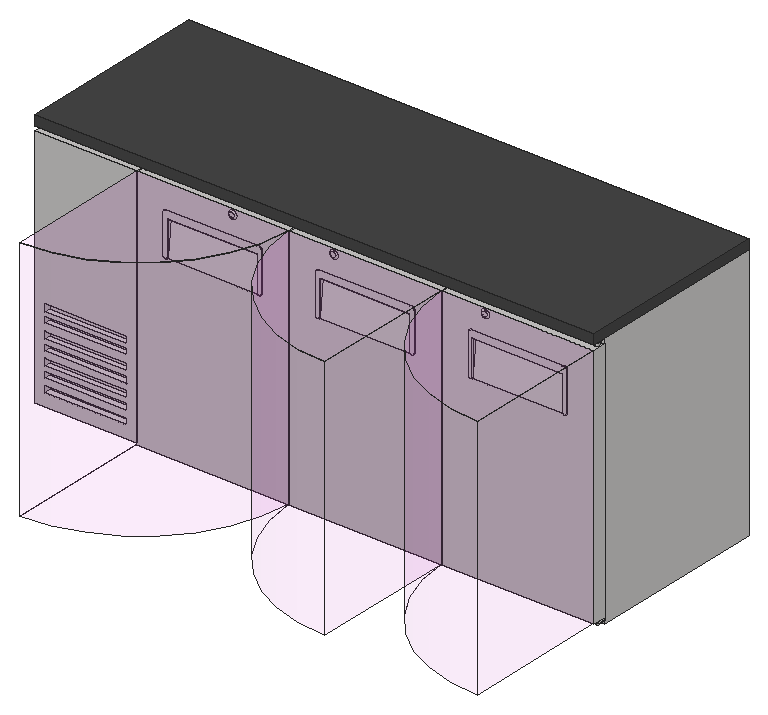
Revit family "QF_True_TBB24-72-3S-Z1-BST-S-1_Solid_Swing_Door_Back_Bar", category Specialty Equipment, Revit 2021
Family settings
  Round Connector Dimension = Use Diameter
  Part Type = Normal
  Work Plane-Based = No
  Always vertical = Yes
  Cut with Voids When Loaded = No
  Shared = No
  Room Calculation Point = No
Parameters
  Weight in Pounds = 415
  Watts = Volts * FL Amps  # 368 W
  Volts = 115 V
  URL Cutsheet = ""
  Specification by User = ""
  Specification by Manufacturer = ""
  Show Seismic Flanged [instance] = yes
  Show Door Clearance [instance] = yes
  Show Default [instance] = if(or([Show 2" Casters], [Show 3" Casters]), or(or([Show 4" Casters], [Show 5" Casters], [Show 6" Legs]), and([Show 2" Casters], [Show 3" Casters]), and([Show 3" Casters], Show Seismic Flanged)), if(or([Show 4" Casters], [Show 5" Casters]), or(or([Show 6" Legs], Show Seismic Flanged), and([Show 4" Casters], [Show 5" Casters])), if([Show 6" Legs], Show Seismic Flanged, not(Show Seismic Flanged))))  # yes
  Show 6" Legs [instance] = yes
  Show 5" Casters [instance] = yes
  Show 4" Casters [instance] = yes
  Show 3" Casters [instance] = yes
  Show 2" Casters [instance] = yes
  Serial Number = ""
  Seismic Rating = ""
  SMACNA No = ""
  Revision Code = ""
  Phase = 1
  Number of Poles = 1
  NAFEM Spec ID Number = ""
  Model = "TBB24-72-3S-Z1-BST-S-1"
  Min Ckt Ampacity = 0 A
  Max Overcurrent Protection = 0 A
  Masterspec = ""
  Manufacturer = "True"
  Length = 72 1/32"
  Item Number = ""
  Installed By = ""
  Identify Quantity as Lot = yes
  Height [instance] = Base Height + Body Height  # 34 3/16"
  HP = "1/4"
  Furnished By = ""
  Foodservice Equipment Identifier = yes
  FL Amps = 3.2 A
  Electrical Remarks = ""
  Electric Connection Type = ""
  Elec Conn RI Height = 0"
  Elec Conn Connection Height = 0"
  Door Finish [instance] = QF_Metal_Stainless_Polished
  Description = "Solid Swing Door Back Bar 24\" Depth Single Zone Cooler with Black Sub Top and Black Exterior"
  Depth = 24 7/8"
  Default Elevation = 0"
  Cycle = 60 Hz
  Counter Top Finish [instance] = QF_Metallic_Paint_Black_Smooth
  Conn Plug = "NEMA 5-15P"
  Conn Conduit = yes
  CSI MasterFormat = ""
  Body Height [instance] = 34 3/16"
  Body Finish [instance] = QF_Metal_Stainless_Polished
  Base Height [instance] = if(Show Default, 0", if([Show 2" Casters], 2", if([Show 3" Casters], 3", if([Show 4" Casters], 4", if([Show 5" Casters], 5", if([Show 6" Legs], 6", if(Show Seismic Flanged, 6", 0")))))))  # 0"
  Apparent Power = 0 VA
Reference planes (in)
  plane 1 "BACK": y = 0
  plane 2: z = 0
  plane 3 "LEFT": x = 0
  plane 4 "RIGHT": x = 72.03125
  plane 5 "FRONT": y = -24.875
  plane 6 "TOP": z = 34.1875
  plane 7 "Center Y": x = 36.01563
  plane 8 "Center X": y = -12.4375
  plane 9: z = 0
Dimensions and locks (in)
  equal spacing: plane 3 "LEFT", plane 7 "Center Y", plane 4 "RIGHT"
  "Length": plane 3 "LEFT" to plane 4 "RIGHT"
  equal spacing: plane 5 "FRONT", plane 8 "Center X", plane 1 "BACK"
  "Depth": plane 5 "FRONT" to plane 1 "BACK"
  plane 6 "TOP" to level = 34 3/16"
  "Body Height": plane 6 "TOP" to plane 9
  "Base Height": plane 9 to level
  aligned and locked: level to plane 2
  aligned and locked: nested 1 to plane 9
Nested families (in)
  nested 1: "TBB24-72-3S-Z1-BST-B-1" at (0, 0, 0), Show Door Clearance <- "Show Door Clearance", Body Finish <- "Body Finish", Counter Top Finishes <- "Counter Top Finish", Door Finish <- "Door Finish", type "TBB24-72-3S-Z1-BST-B-1"
    with Show Door Clearance yes, Door Finish QF_Metal_Stainless_Polished, Counter Top Finishes QF_Metallic_Paint_Black_Smooth, Body Finish QF_Metal_Stainless_Polished
  nested 2: "Family3" at (2.5, -20.9375, 0), Show 2" Casters <- "Show 2" Casters", Show 3" Casters <- "Show 3" Casters", Show 4" Casters <- "Show 4" Casters", Show 5" Casters <- "Show 5" Casters", Show 6" Legs <- "Show 6" Legs", Show Seismic Flanged <- "Show Seismic Flanged", type "Family3"
    with Show Seismic Flanged yes, Show 6" Legs yes, Show 5" Casters yes, Show 4" Casters yes, Show 3" Casters yes, Show 2" Casters yes
  nested 3: "Family3" at (69.53125, -20.9375, 0), Show 2" Casters <- "Show 2" Casters", Show 3" Casters <- "Show 3" Casters", Show 4" Casters <- "Show 4" Casters", Show 5" Casters <- "Show 5" Casters", Show 6" Legs <- "Show 6" Legs", Show Seismic Flanged <- "Show Seismic Flanged", type "Family3"
    with Show Seismic Flanged yes, Show 6" Legs yes, Show 5" Casters yes, Show 4" Casters yes, Show 3" Casters yes, Show 2" Casters yes
  nested 4: "Family3" at (2.5, -2.9375, 0), Show 2" Casters <- "Show 2" Casters", Show 3" Casters <- "Show 3" Casters", Show 4" Casters <- "Show 4" Casters", Show 5" Casters <- "Show 5" Casters", Show 6" Legs <- "Show 6" Legs", Show Seismic Flanged <- "Show Seismic Flanged", type "Family3"
    with Show Seismic Flanged yes, Show 6" Legs yes, Show 5" Casters yes, Show 4" Casters yes, Show 3" Casters yes, Show 2" Casters yes
  nested 5: "Family3" at (69.53125, -2.9375, 0), Show 2" Casters <- "Show 2" Casters", Show 3" Casters <- "Show 3" Casters", Show 4" Casters <- "Show 4" Casters", Show 5" Casters <- "Show 5" Casters", Show 6" Legs <- "Show 6" Legs", Show Seismic Flanged <- "Show Seismic Flanged", type "Family3"
    with Show Seismic Flanged yes, Show 6" Legs yes, Show 5" Casters yes, Show 4" Casters yes, Show 3" Casters yes, Show 2" Casters yes
Connectors (in)
  electrical at (5.92159, 0.23047, 18.36709), driven by "Volts", driven by "Watts"
    settings: on nested 1, index 1, voltage 115 V, apparent load 368 VA, apparent load phase1 0 VA, apparent load phase2 0 VA, apparent load phase3 0 VA, power factor 1, load classification "Other", number of poles 1, system type 30, power factor state 1, is connector primary yes, connector utility no, sub classification motor no, connector description "ELECTRICAL CONNECTION"
Definition of nested family "TBB24-72-3S-Z1-BST-B-1"
  Parameters (values of type "TBB24-72-3S-Z1-BST-B-1")
    Weight in Pounds = 0
    URL Cutsheet = ""
    Specification by User = ""
    Specification by Manufacturer = ""
    Show Door Clearance [instance] = yes
    Serial Number = ""
    Seismic Rating = ""
    SMACNA No = ""
    Revision Code = ""
    NAFEM Spec ID Number = ""
    Masterspec = ""
    Length = 72 1/32"
    Item Number = ""
    Installed By = ""
    Identify Quantity as Lot = yes
    Height = 34 3/16"
    Furnished By = ""
    Foodservice Equipment Identifier = yes
    Door Finish [instance] = none
    Depth = 24 7/8"
    Default Elevation = 0"
    Counter Top Finishes [instance] = none
    CSI MasterFormat = ""
    Body Finish [instance] = none
  Reference planes (in)
    plane 1 "BACK": y = 0
    plane 2: z = 0
    plane 3 "LEFT": x = 0
    plane 4 "RIGHT": x = 72.03125
    plane 5 "FRONT": y = -24.875
    plane 6 "TOP": z = 34.1875
    plane 7 "Center Y": x = 36.01563
    plane 8 "Center X": y = -12.4375
    plane 9: y = -43.625
    plane 10: z = 0.6875
    plane 11: z = 32.9375
    plane 12: z = 23.55589
  Forms (in)
    Extrusion 1, solid, material <- "Counter Top Finishes"
      sketch origin (0, 0, 0) x (1, 0, 0) y (0, 0, 1)
        loop
          line (0, 34.1875) -> (0, 32.9375) -> (72.03125, 32.9375) -> (72.03125, 34.1875) -> (0, 34.1875)
      from 0 to 24.875
    Extrusion 2, solid, material <- "Body Finish"
      sketch origin (0, 0, 0) x (0, 1, 0) y (0, 0, 1)
        loop
          line (0, 32.9375) -> (-23.09422, 32.9375) -> (-23.09422, 0) -> (0, 0) -> (0, 32.9375)
      from 0 to 72.03125
    Extrusion 3, solid, material <- "Body Finish"
      sketch origin (0, -23.09422, 32.9375) x (0, 0, -1) y (1, 0, 0)
        loop
          line (0.66249, 0) -> (31.95758, 0) -> (31.95758, 13.15625) -> (0.66249, 13.15625) -> (0.66249, 0)
      from 0 to 1.78078
    Extrusion 4, void
      sketch origin (0, -24.875, 32.9375) x (0, 0, 1) y (1, 0, 0)
        loop
          line (-20.06297, 1.27626) -> (-20.06297, 11.8296) -> (-21.06297, 11.8296) -> (-21.06297, 1.27626) -> (-20.06297, 1.27626)
        loop
          line (-21.51705, 1.27626) -> (-21.51705, 11.8296) -> (-22.34419, 11.8296) -> (-22.34419, 1.27626) -> (-21.51705, 1.27626)
        loop
          line (-23.18797, 1.27626) -> (-23.18797, 11.8296) -> (-24.18797, 11.8296) -> (-24.18797, 1.27626) -> (-23.18797, 1.27626)
        loop
          line (-24.76705, 1.27626) -> (-24.76705, 11.8296) -> (-25.59419, 11.8296) -> (-25.59419, 1.27626) -> (-24.76705, 1.27626)
        loop
          line (-26.31297, 1.27626) -> (-26.31297, 11.8296) -> (-27.31297, 11.8296) -> (-27.31297, 1.27626) -> (-26.31297, 1.27626)
        loop
          line (-27.89205, 1.27626) -> (-27.89205, 11.8296) -> (-28.71919, 11.8296) -> (-28.71919, 1.27626) -> (-27.89205, 1.27626)
        loop
          line (-29.51705, 1.27626) -> (-29.51705, 11.8296) -> (-30.34419, 11.8296) -> (-30.34419, 1.27626) -> (-29.51705, 1.27626)
      from 0 to 0.83594
    Extrusion 5, solid
      sketch origin (0, 0, 32.6875) x (0, 0, 1) y (1, 0, 0)
        loop
          arc (-12.59037, 11.27264) -> (-12.81004, 11.80298) -> (-13.34037, 12.02264) r 0.75
          line (-13.34037, 12.02264) -> (-31.375, 12.02264)
          arc (-31.375, 12.02264) -> (-31.90533, 11.80298) -> (-32.125, 11.27264) r 0.75
          line (-32.125, 11.27264) -> (-32.125, 0.75)
          arc (-32.125, 0.75) -> (-31.90533, 0.21967) -> (-31.375, 0) r 0.75
          line (-31.375, 0) -> (-13.34037, 0)
          arc (-13.34037, 0) -> (-12.81004, 0.21967) -> (-12.59037, 0.75) r 0.75
          line (-12.59037, 0.75) -> (-12.59037, 5.19897) -> (-12.14941, 5.19897)
          arc (-12.14941, 5.19897) -> (-11.39941, 5.94897) -> (-12.14941, 6.69897) r 0.75
          line (-12.14941, 6.69897) -> (-12.59037, 6.69897) -> (-12.59037, 11.27264)
      from 0 to 0.03125
    Extrusion 6, solid
      sketch origin (0, 0.03125, 32.6875) x (0, 0, 1) y (1, 0, 0)
        loop
          line (-11.64941, 5.94897) -> (-11.89941, 6.38198) -> (-12.39941, 6.38198) -> (-12.64941, 5.94897) -> (-12.39941, 5.51596) -> (-11.89941, 5.51596) -> (-11.64941, 5.94897)
      from 0 to 0.19922
    Extrusion 7, solid
      sketch origin (0, 0.03125, 32.6875) x (0, 0, 1) y (1, 0, 0)
        loop
          circle (-14.32041, 5.92159) r 0.5
      from 0 to 0.19922
    Extrusion 8, solid, material <- "Door Finish"
      sketch origin (0, -23.09422, 32.9375) x (0, 0, -1) y (1, 0, 0)
        loop
          line (0.66249, 72.03125) -> (0.66249, 52.40625) -> (32.25, 52.40625) -> (32.25, 72.03125) -> (0.66249, 72.03125)
      from 0 to 1.78078
    Extrusion 9, solid, material <- "Door Finish"
      sketch origin (0, -23.09422, 32.9375) x (0, 0, -1) y (1, 0, 0)
        loop
          line (0.66249, 52.40625) -> (0.66249, 32.78125) -> (32.25, 32.78125) -> (32.25, 52.40625) -> (0.66249, 52.40625)
      from 0 to 1.78078
    Extrusion 10, solid, material <- "Door Finish"
      sketch origin (0, -23.09422, 32.9375) x (0, 0, -1) y (1, 0, 0)
        loop
          line (0.66249, 32.78125) -> (0.66249, 13.15625) -> (32.25, 13.15625) -> (32.25, 32.78125) -> (0.66249, 32.78125)
      from 0 to 1.78078
    Extrusion 11, solid, material <- "Door Finish"
      sketch origin (84, -24.875, 35.99786) x (0, 0, -1) y (1, 0, 0)
        loop
          arc (7.19767, -35.06214) -> (6.92975, -35.17312) -> (6.81877, -35.44104) r 0.37891
          line (6.81877, -35.44104) -> (6.81877, -47.37146)
          arc (6.81877, -47.37146) -> (6.92953, -47.63887) -> (7.19695, -47.74964) r 0.37818
          line (7.19695, -47.74964) -> (12.19377, -47.74964)
          arc (12.19377, -47.74964) -> (12.44197, -47.50143) -> (12.19377, -47.25323) r 0.2482
          line (12.19377, -47.25323) -> (8.12997, -47.25323)
          arc (8.12997, -47.25323) -> (7.86204, -47.14225) -> (7.75107, -46.87433) r 0.37891
          line (7.75107, -46.87433) -> (7.75107, -35.99995)
          arc (7.75107, -35.99995) -> (7.86204, -35.73202) -> (8.12997, -35.62104) r 0.37891
          line (8.12997, -35.62104) -> (12.16252, -35.62104)
          arc (12.16252, -35.62104) -> (12.44197, -35.34159) -> (12.16252, -35.06214) r 0.27945
          line (12.16252, -35.06214) -> (7.19767, -35.06214)
        loop
          line (7.19767, -67.40625) -> (12.16252, -67.40625)
          arc (12.16252, -67.40625) -> (12.44197, -67.1268) -> (12.16252, -66.84735) r 0.27945
          line (12.16252, -66.84735) -> (8.12997, -66.84735)
          arc (8.12997, -66.84735) -> (7.86204, -66.73637) -> (7.75107, -66.46844) r 0.37891
          line (7.75107, -66.46844) -> (7.75107, -55.59406)
          arc (7.75107, -55.59406) -> (7.86204, -55.32613) -> (8.12997, -55.21515) r 0.37891
          line (8.12997, -55.21515) -> (12.19377, -55.21515)
          arc (12.19377, -55.21515) -> (12.44197, -54.96695) -> (12.19377, -54.71875) r 0.2482
          line (12.19377, -54.71875) -> (7.19695, -54.71875)
          arc (7.19695, -54.71875) -> (6.92953, -54.82952) -> (6.81877, -55.09693) r 0.37818
          line (6.81877, -55.09693) -> (6.81877, -67.02734)
          arc (6.81877, -67.02734) -> (6.92975, -67.29527) -> (7.19767, -67.40625) r 0.37891
        loop
          arc (7.19767, -15.40625) -> (6.92975, -15.51723) -> (6.81877, -15.78516) r 0.37891
          line (6.81877, -15.78516) -> (6.81877, -27.71557)
          arc (6.81877, -27.71557) -> (6.92953, -27.98298) -> (7.19695, -28.09375) r 0.37818
          line (7.19695, -28.09375) -> (12.19377, -28.09375)
          arc (12.19377, -28.09375) -> (12.44197, -27.84555) -> (12.19377, -27.59735) r 0.2482
          line (12.19377, -27.59735) -> (8.12997, -27.59735)
          arc (8.12997, -27.59735) -> (7.86204, -27.48637) -> (7.75107, -27.21844) r 0.37891
          line (7.75107, -27.21844) -> (7.75107, -16.34406)
          arc (7.75107, -16.34406) -> (7.86204, -16.07613) -> (8.12997, -15.96515) r 0.37891
          line (8.12997, -15.96515) -> (12.16252, -15.96515)
          arc (12.16252, -15.96515) -> (12.44197, -15.6857) -> (12.16252, -15.40625) r 0.27945
          line (12.16252, -15.40625) -> (7.19767, -15.40625)
      from 0 to 0.03125
    Extrusion 12, void
      sketch origin (14.17365, -24.875, 27.86788) x (0, 0, 1) y (0, 1, 0)
        loop
          line (0.37891, -0.24253) -> (0.37891, 0.5) -> (-4.312, 0) -> (-4.312, -0.24253) -> (0.37891, -0.24253)
      from -2.979 to -14.61119
    Extrusion 13, void
      sketch origin (33.76777, -24.875, 27.86788) x (0, 0, 1) y (0, 1, 0)
        loop
          line (0.37891, -0.24253) -> (0.37891, 0.5) -> (-4.312, 0) -> (-4.312, -0.24253) -> (0.37891, -0.24253)
      from -2.979 to -14.61119
    Extrusion 14, void
      sketch origin (53.42365, -24.875, 27.86788) x (0, 0, 1) y (0, 1, 0)
        loop
          line (0.37891, -0.24253) -> (0.37891, 0.5) -> (-4.312, 0) -> (-4.312, -0.24253) -> (0.37891, -0.24253)
      from -2.979 to -14.61119
    Blend 15, solid, material <- "Door Finish"
      base sketch origin (55.62282, -24.875, 35.99786) x (0, 0, -1) y (1, 0, 0)
        loop
          circle (4.37806, -30.11945) r 0.5
      top sketch origin (55.62282, -24.875, 35.99786) x (0, 0, 1) y (1, 0, 0)
        loop
          circle (-4.37806, -30.11945) r 0.37406
      from 0 to 0.07959
    Blend 16, solid, material <- "Door Finish"
      base sketch origin (55.62282, -24.875, 35.99786) x (0, 0, -1) y (1, 0, 0)
        loop
          circle (4.37806, -17.0582) r 0.5
      top sketch origin (55.62282, -24.875, 35.99786) x (0, 0, 1) y (1, 0, 0)
        loop
          circle (-4.37806, -17.0582) r 0.37406
      from 0 to 0.07959
    Blend 17, solid, material <- "Door Finish"
      base sketch origin (75.12282, -24.875, 35.99786) x (0, 0, -1) y (1, 0, 0)
        loop
          circle (4.37806, -17.0582) r 0.5
      top sketch origin (75.12282, -24.875, 35.99786) x (0, 0, 1) y (1, 0, 0)
        loop
          circle (-4.37806, -17.0582) r 0.37406
      from 0 to 0.07959
    Revolve 18, solid
      sketch origin (13.65625, -180, 0.6875) x (0, 0, -1) y (0, -1, 0)
        loop
          line (-31.58751, -156.24977) -> (-32.25, -156.24977) -> (-32.25, -156.74977) -> (-32.1201, -156.74977) -> (-32.1201, -156.49977) -> (-31.58751, -156.49977) -> (-31.58751, -156.24977)
        axis (-32.25, -156.24977) -> (-31.58751, -156.24977)
      angle from 0 to 360
    Revolve 19, solid
      sketch origin (13.65532, -180.05443, 0.39756) x (0, 0, 1) y (0, 1, 0)
        loop
          line (0.28994, 156.29571) -> (0.28994, 156.48985) -> (0, 156.48985) -> (0, 156.29571) -> (0.28994, 156.29571)
        axis (0.28994, 156.29571) -> (0, 156.29571)
      angle from 0 to 360
    Revolve 20, solid
      sketch origin (71.53125, -180, 0.6875) x (0, 0, -1) y (0, 1, 0)
        loop
          line (-31.58751, 156.24977) -> (-31.58751, 156.49977) -> (-32.1201, 156.49977) -> (-32.1201, 156.74977) -> (-32.25, 156.74977) -> (-32.25, 156.24977) -> (-31.58751, 156.24977)
        axis (-32.25, 156.24977) -> (-31.58751, 156.24977)
      angle from 0 to 360
    Revolve 21, solid
      sketch origin (71.50341, -180.05443, 0.39756) x (0, 0, 1) y (0, -1, 0)
        loop
          line (0.28994, -156.29571) -> (0, -156.29571) -> (0, -156.48985) -> (0.28994, -156.48985) -> (0.28994, -156.29571)
        axis (0.28994, -156.29571) -> (0, -156.29571)
      angle from 0 to 360
    Extrusion 22, solid
      sketch origin (-14.8043, -180.46875, 0.33506) x (-1, 0, 0) y (0, -1, 0)
        loop
          line (-27.96055, -157.37453) -> (-27.96055, -156.39831)
          arc (-27.96055, -156.39831) -> (-28.00348, -156.29467) -> (-28.10712, -156.25173) r 0.14658
          line (-28.10712, -156.25173) -> (-28.51541, -156.25173)
          arc (-28.51541, -156.25173) -> (-28.59865, -156.26829) -> (-28.66923, -156.31545) r 0.21754
          line (-28.66923, -156.31545) -> (-29.51188, -157.1581)
          arc (-29.51188, -157.1581) -> (-29.53936, -157.29627) -> (-29.42223, -157.37453) r 0.12678
          line (-29.42223, -157.37453) -> (-27.96055, -157.37453)
        loop
          line (-67.21055, -157.37453) -> (-65.74886, -157.37453)
          arc (-65.74886, -157.37453) -> (-65.63173, -157.29627) -> (-65.65921, -157.1581) r 0.12678
          line (-65.65921, -157.1581) -> (-66.50186, -156.31545)
          arc (-66.50186, -156.31545) -> (-66.57244, -156.26829) -> (-66.65568, -156.25173) r 0.21754
          line (-66.65568, -156.25173) -> (-67.06397, -156.25173)
          arc (-67.06397, -156.25173) -> (-67.16761, -156.29467) -> (-67.21055, -156.39831) r 0.14658
          line (-67.21055, -156.39831) -> (-67.21055, -157.37453)
      from 0 to 0.0625
    Extrusion 23, solid
      sketch origin (-7.625, -23.09422, 32.9375) x (0, 0, -1) y (1, 0, 0)
        loop
          line (32.60244, 20.78125) -> (32.60244, 22.36972) -> (32.25, 22.36972) -> (32.25, 20.78125) -> (32.60244, 20.78125)
        loop
          line (32.60244, 60.03125) -> (32.25, 60.03125) -> (32.25, 58.44278) -> (32.60244, 58.44278) -> (32.60244, 60.03125)
      from 0 to 0.0625
    Revolve 24, solid
      sketch origin (51.90625, -180, 0.6875) x (0, 0, -1) y (0, 1, 0)
        loop
          line (-31.58751, 156.24977) -> (-31.58751, 156.49977) -> (-32.1201, 156.49977) -> (-32.1201, 156.74977) -> (-32.25, 156.74977) -> (-32.25, 156.24977) -> (-31.58751, 156.24977)
        axis (-32.25, 156.24977) -> (-31.58751, 156.24977)
      angle from 0 to 360
    Revolve 25, solid
      sketch origin (51.87841, -180.05443, 0.39756) x (0, 0, 1) y (0, -1, 0)
        loop
          line (0.28994, -156.29571) -> (0, -156.29571) -> (0, -156.48985) -> (0.28994, -156.48985) -> (0.28994, -156.29571)
        axis (0.28994, -156.29571) -> (0, -156.29571)
      angle from 0 to 360
    Extrusion 26, solid
      sketch origin (12, -23.09422, 32.9375) x (0, 0, -1) y (1, 0, 0)
        loop
          line (32.60244, 60.03125) -> (32.25, 60.03125) -> (32.25, 58.44278) -> (32.60244, 58.44278) -> (32.60244, 60.03125)
      from 0 to 0.0625
    Extrusion 27, solid
      sketch origin (4.8207, -180.46875, 0.33506) x (-1, 0, 0) y (0, -1, 0)
        loop
          line (-67.21055, -157.37453) -> (-65.74886, -157.37453)
          arc (-65.74886, -157.37453) -> (-65.63173, -157.29627) -> (-65.65921, -157.1581) r 0.12678
          line (-65.65921, -157.1581) -> (-66.50186, -156.31545)
          arc (-66.50186, -156.31545) -> (-66.57244, -156.26829) -> (-66.65568, -156.25173) r 0.21754
          line (-66.65568, -156.25173) -> (-67.06397, -156.25173)
          arc (-67.06397, -156.25173) -> (-67.16761, -156.29467) -> (-67.21055, -156.39831) r 0.14658
          line (-67.21055, -156.39831) -> (-67.21055, -157.37453)
      from 0 to 0.0625
    Extrusion 28, solid, visible <- "Show Door Clearance"
      sketch origin (45.95654, -23.09422, 0.6875) x (0, -1, 0) y (-1, 0, 0)
        loop
          arc (1.78078, 13.17529) -> (15.09548, 19.22374) -> (20.53077, 32.80029) r 19.625
          line (20.53077, 32.80029) -> (1.78078, 32.80029) -> (1.78078, 13.17529)
      from 0 to -31.58751
    Extrusion 29, solid, visible <- "Show Door Clearance"
      sketch origin (45.95654, -23.09422, 0.6875) x (0, -1, 0) y (-1, 0, 0)
        loop
          line (1.78078, 13.17529) -> (1.78078, -6.44971) -> (20.53077, -6.44971)
          arc (20.53077, -6.44971) -> (15.09548, 7.12683) -> (1.78078, 13.17529) r 19.625
      from 0 to -31.58751
    Extrusion 30, solid, visible <- "Show Door Clearance"
      sketch origin (45.95654, -23.09422, 0.6875) x (0, -1, 0) y (-1, 0, 0)
        loop
          line (1.78078, -6.44971) -> (1.78078, -26.07471) -> (20.53077, -26.07471)
          arc (20.53077, -26.07471) -> (15.09548, -12.49817) -> (1.78078, -6.44971) r 19.625
      from 0 to -31.58751
  Cuts and joins
    Extrusion 4 cuts Extrusion 2
    Extrusion 4 cuts Extrusion 3
    Extrusion 12, Extrusion 13 cuts Extrusion 10
    Extrusion 12, Extrusion 13, Extrusion 14 cuts Extrusion 11
    Extrusion 12, Extrusion 13, Extrusion 14 cuts Extrusion 9
    Extrusion 13, Extrusion 14 cuts Extrusion 8
  Lines and regions (in)
    Split face 1
      outline origin (0, 0.03125, 32.6875) x (0, 0, 1) y (1, 0, 0)
        loop
          line (-15.04167, 10.7061) -> (-29.59231, 10.7061) -> (-29.59231, 0.9561) -> (-15.04167, 0.9561) -> (-15.04167, 10.7061)
    Split face 2
      outline origin (72.03125, 0, 0) x (-1, 0, 0) y (0, 0, 1)
        loop
          line (60.03125, 32.9375) -> (60.03125, 0)
        loop
          line (57.65625, 0) -> (57.65625, 32.9375)
        loop
          line (2.75, 32.9375) -> (2.75, 0)
    Split face 3
      outline origin (0, -24.875, 32.27501) x (-1, 0, 0) y (0, 0, -1)
        loop
          line (-2.26866, 1.36126) -> (-2.26866, 2.86126) -> (-10.572, 2.86126) -> (-10.572, 1.36126) -> (-2.26866, 1.36126)
    symbolic lines
      curve 1: line (72.03125, 0, 0) -> (0, 0, 0)
      curve 2: line (0, 0, 0) -> (0, -24.875, 0)
      curve 3: line (0, -24.875, 0) -> (72.03125, -24.875, 0)
      curve 4: line (72.03125, -24.875, 0) -> (72.03125, 0, 0)
    symbolic lines, visible <- "Show Door Clearance"
      curve 5: arc (32.78125, -24.875, 0) -> (31.90289, -29.86816, 0) -> (29.77475, -34.46969, 0) r 19.625
      curve 6: arc (35.78775, -34.46969, 0) -> (33.65961, -29.86816, 0) -> (32.78125, -24.875, 0) r 19.625
      curve 7: arc (55.41275, -34.46969, 0) -> (53.28461, -29.86816, 0) -> (52.40625, -24.875, 0) r 19.625
      curve 8: line (13.15625, -24.875, 0) -> (29.77475, -34.46969, 0)
      curve 9: line (52.40625, -24.875, 0) -> (35.78775, -34.46969, 0)
      curve 10: line (72.03125, -24.875, 0) -> (55.41275, -34.46969, 0)
  Dimensions and locks (in)
    equal spacing: plane 3 "LEFT", plane 7 "Center Y", plane 4 "RIGHT"
    "Length": plane 3 "LEFT" to plane 4 "RIGHT"
    equal spacing: plane 5 "FRONT", plane 8 "Center X", plane 1 "BACK"
    "Depth": plane 5 "FRONT" to plane 1 "BACK"
    "Height": plane 6 "TOP" to level
    plane 1 "BACK" to plane 9 = 43 5/8"
    plane 10 to level = 11/16"
    plane 5 "FRONT" to plane 1 "BACK" = 24 7/8"
    plane 9 to plane 1 "BACK" = 43 5/8"
    plane 6 "TOP" to plane 11 = 1 1/4"
    plane 5 "FRONT" to plane 9 = 18 3/4"
    aligned and locked: level to plane 2
  Automatic sketch dimensions
    Extrusion 1 sketch curve to plane 3 "LEFT" = 0"
    plane 4 "RIGHT" to Extrusion 1 sketch curve = 0"
    Extrusion 1 sketch curve to plane 11 = 0"
    Extrusion 1 sketch curve to plane 6 "TOP" = 0"
    plane 11 to Extrusion 2 sketch curve = 0"
    Extrusion 2 sketch curve to level = 0"
    Extrusion 2 sketch curve to plane 1 "BACK" = 0"
    Extrusion 2 sketch curve to plane 5 "FRONT" = 1.78078"
    Extrusion 3 sketch curve to Extrusion 2 = 0"
    Extrusion 3 sketch curve to Extrusion 2 = 0.66249"
    Extrusion 3 sketch curve to Extrusion 2 = 0.97992"
    Extrusion 2 to Extrusion 3 sketch curve = 13 5/32"
    Extrusion 3 to Extrusion 4 sketch curve = 1.61339"
    Extrusion 4 sketch curve to Extrusion 4 sketch curve = 0.82714"  (x4)
    Extrusion 4 sketch curve to Extrusion 4 sketch curve = 0.79786"
    Extrusion 4 sketch curve to Extrusion 4 sketch curve = 0.57908"  (x2)
    Extrusion 4 sketch curve to Extrusion 4 sketch curve = 1"  (x3)
    Extrusion 4 sketch curve to Extrusion 4 sketch curve = 0.71878"
    Extrusion 4 sketch curve to Extrusion 4 sketch curve = 0.84378"
    Extrusion 4 sketch curve to Extrusion 4 sketch curve = 0.45408"
    Extrusion 3 to Extrusion 4 sketch curve = 1.27626"  (x2)
    Extrusion 4 sketch curve to Extrusion 4 sketch curve = 0"  (x11)
    Extrusion 3 to Extrusion 4 sketch curve = 1.32665"
    Extrusion 5 sketch curve to Extrusion 2 = 0"
    Extrusion 2 to Extrusion 5 sketch curve = 9/16"
    Extrusion 5 sketch curve to Extrusion 5 sketch curve = 3/4"  (x3)
    Extrusion 5 sketch curve to Extrusion 2 = 13.59037"
    Extrusion 2 to Extrusion 5 sketch curve = 3/4"
    Extrusion 5 sketch curve to Extrusion 5 sketch curve = 0"  (x2)
    Extrusion 5 sketch curve to Extrusion 5 sketch curve = 0.44096"
    Extrusion 5 sketch curve to Extrusion 5 sketch curve = 4.44897"
    Extrusion 5 sketch curve to Extrusion 5 sketch curve = 10.52264"
    Split face 1 sketch curve to Extrusion 5 = 2.53269"
    Split face 1 sketch curve to Extrusion 5 = 2.4513"
    Split face 1 sketch curve to Extrusion 5 = 0.9561"
    Split face 1 sketch curve to Extrusion 5 = 1.31655"
    Extrusion 6 sketch curve to Extrusion 5 = 0.05904"
    Extrusion 5 to Extrusion 6 sketch curve = 0.19096"  (x2)
    Extrusion 6 sketch curve to Extrusion 5 = 0.31699"  (x2)
    Extrusion 6 sketch curve to Extrusion 6 sketch curve = 1/2"  (x2)
    Extrusion 6 sketch curve to Extrusion 6 sketch curve = 1/4"
    Extrusion 6 sketch curve to Extrusion 6 sketch curve = 0.43301"  (x2)
    Extrusion 7 sketch curve to Extrusion 5 = 0.72262"
    Extrusion 7 sketch curve to Extrusion 5 = 1.73005"
    Split face 2 sketch curve to cut or joined group of Extrusion 2, Extrusion 4 = 0"  (x6)
    Split face 2 sketch curve to cut or joined group of Extrusion 2, Extrusion 4 = 2 3/4"
    Split face 2 sketch curve to cut or joined group of Extrusion 2, Extrusion 4 = 14 3/8"
    Split face 2 sketch curve to Split face 2 sketch curve = 2 3/8"
    Split face 3 sketch curve to cut or joined group of Extrusion 3, Extrusion 4 = 1.2576"
    Split face 3 sketch curve to cut or joined group of Extrusion 3, Extrusion 4 = 0.9924"
    Split face 3 sketch curve to cut or joined group of Extrusion 3, Extrusion 4 = 1.36126"
    Split face 3 sketch curve to Split face 3 sketch curve = 1 1/2"
    Extrusion 2 to Extrusion 8 sketch curve = 0"
    Extrusion 8 sketch curve to Extrusion 2 = 0.66249"
    Extrusion 8 sketch curve to Extrusion 2 = 11/16"
    Extrusion 2 to Extrusion 8 sketch curve = 19 5/8"
    Extrusion 9 sketch curve to Extrusion 2 = 0.66249"
    Extrusion 9 sketch curve to Extrusion 2 = 11/16"
    Extrusion 2 to Extrusion 9 sketch curve = 32 25/32"
    Extrusion 2 to Extrusion 9 sketch curve = 19 5/8"
    Extrusion 10 sketch curve to Extrusion 2 = 0.66249"
    Extrusion 10 sketch curve to Extrusion 2 = 11/16"
    Extrusion 2 to Extrusion 10 sketch curve = 13 5/32"
    Extrusion 10 sketch curve to Extrusion 10 sketch curve = 19 5/8"
    plane 11 to Extrusion 11 sketch curve = 3.75841"  (x3)
    Extrusion 11 sketch curve to Extrusion 11 sketch curve = 0.37818"  (x3)
    plane 7 "Center Y" to Extrusion 11 sketch curve = 0.23474"
    Extrusion 11 sketch curve to Extrusion 11 sketch curve = 97/256"  (x9)
    Extrusion 11 sketch curve to Extrusion 11 sketch curve = 0.55339"  (x2)
    Extrusion 11 sketch curve to Extrusion 11 sketch curve = 0.55412"
    plane 12 to Extrusion 11 sketch curve = 0.27945"  (x3)
    plane 12 to Extrusion 11 sketch curve = 0.2482"  (x3)
    Extrusion 11 sketch curve to plane 7 "Center Y" = 6 47/64"
    Extrusion 11 sketch curve to Extrusion 11 sketch curve = 0.2482"  (x3)
    Extrusion 11 sketch curve to Extrusion 11 sketch curve = 10.87438"  (x2)
    Extrusion 11 sketch curve to Extrusion 11 sketch curve = 0.5589"  (x3)
    Extrusion 11 sketch curve to Extrusion 11 sketch curve = 6.96839"
    plane 4 "RIGHT" to Extrusion 11 sketch curve = 4.37531"
    Extrusion 12 sketch curve to plane 5 "FRONT" = 0"
    Extrusion 12 sketch curve to plane 12 = 0"
    plane 5 "FRONT" to Extrusion 12 sketch curve = 0.24253"
    plane 11 to Extrusion 12 sketch curve = 4.69071"
    Extrusion 12 sketch curve to plane 5 "FRONT" = 1/2"
    Extrusion 13 sketch curve to plane 5 "FRONT" = 0"
    Extrusion 13 sketch curve to plane 12 = 0"
    plane 5 "FRONT" to Extrusion 13 sketch curve = 0.24253"
    plane 11 to Extrusion 13 sketch curve = 4.69071"
    Extrusion 13 sketch curve to plane 5 "FRONT" = 1/2"
    Extrusion 14 sketch curve to plane 5 "FRONT" = 0"
    Extrusion 14 sketch curve to plane 12 = 0"
    plane 5 "FRONT" to Extrusion 14 sketch curve = 0.24253"
    plane 11 to Extrusion 14 sketch curve = 4.69071"
    Extrusion 14 sketch curve to plane 5 "FRONT" = 1/2"
    plane 11 to Blend 15 sketch curve = 1.31771"  (x2)
    Blend 15 sketch curve to plane 7 "Center Y" = 10.51226"  (x2)
    plane 11 to Blend 16 sketch curve = 1.31771"  (x2)
    plane 7 "Center Y" to Blend 16 sketch curve = 2.54899"  (x2)
    plane 11 to Blend 17 sketch curve = 1.31771"  (x2)
    plane 4 "RIGHT" to Blend 17 sketch curve = 13.96663"  (x2)
    plane 11 to Revolve 18 sketch curve = 0"  (x2)
    plane 11 to Revolve 18 sketch curve = 0.1299"  (x2)
    Revolve 18 sketch curve to Revolve 18 sketch curve = 0.53259"
    Revolve 18 sketch curve to plane 5 "FRONT" = 1.62477"
    Revolve 18 sketch curve to Revolve 18 sketch curve = 1/4"  (x2)
    Revolve 18 sketch curve to Revolve 18 sketch curve = 0"
    Revolve 19 sketch curve to plane 10 = 0"  (x2)
    Revolve 19 sketch curve to plane 10 = 0.28994"
    Revolve 19 sketch curve to plane 5 "FRONT" = 1.11628"
    Revolve 19 sketch curve to Revolve 19 sketch curve = 0.19414"
    Revolve 19 sketch curve to plane 10 = 0.14497"
    Revolve 19 sketch curve to Revolve 19 sketch curve = 0"
    plane 11 to Revolve 20 sketch curve = 0"  (x2)
    plane 11 to Revolve 20 sketch curve = 0.1299"  (x2)
    Revolve 20 sketch curve to Revolve 20 sketch curve = 0.53259"
    Revolve 20 sketch curve to plane 5 "FRONT" = 1.12477"
    Revolve 20 sketch curve to Revolve 20 sketch curve = 1/4"  (x2)
    Revolve 20 sketch curve to Revolve 20 sketch curve = 0"
    Revolve 21 sketch curve to plane 10 = 0"  (x2)
    Revolve 21 sketch curve to plane 10 = 0.28994"
    Revolve 21 sketch curve to plane 5 "FRONT" = 1.31042"
    Revolve 21 sketch curve to Revolve 21 sketch curve = 0.19414"
    Revolve 21 sketch curve to plane 10 = 0.14497"
    Revolve 21 sketch curve to Revolve 21 sketch curve = 0"
    Extrusion 22 sketch curve to plane 5 "FRONT" = 1.78078"
    plane 7 "Center Y" to Extrusion 22 sketch curve = 16 25/64"
    Extrusion 22 sketch curve to Extrusion 22 sketch curve = 0.14658"  (x2)
    Extrusion 22 sketch curve to Extrusion 22 sketch curve = 0.40828"  (x2)
    Extrusion 22 sketch curve to plane 5 "FRONT" = 0.7217"  (x2)
    Extrusion 22 sketch curve to Extrusion 22 sketch curve = 0.15382"  (x4)
    Extrusion 22 sketch curve to Extrusion 22 sketch curve = 0.90682"
    Extrusion 22 sketch curve to plane 5 "FRONT" = 1.56435"  (x2)
    Extrusion 22 sketch curve to Extrusion 22 sketch curve = 0.08965"  (x2)
    plane 3 "LEFT" to Extrusion 22 sketch curve = 14.70758"
    Extrusion 22 sketch curve to Extrusion 22 sketch curve = 0.84265"
    Extrusion 22 sketch curve to Extrusion 22 sketch curve = 1.05908"
    Extrusion 23 sketch curve to plane 10 = 0"  (x2)
    level to Extrusion 23 sketch curve = 0.33506"  (x2)
    plane 3 "LEFT" to Extrusion 23 sketch curve = 13 5/32"
    Extrusion 23 sketch curve to Extrusion 23 sketch curve = 1.58847"  (x2)
    plane 7 "Center Y" to Extrusion 23 sketch curve = 14.80216"
    plane 11 to Revolve 24 sketch curve = 0"  (x2)
    plane 11 to Revolve 24 sketch curve = 0.1299"  (x2)
    Revolve 24 sketch curve to Revolve 24 sketch curve = 0.53259"
    Revolve 24 sketch curve to plane 5 "FRONT" = 1.12477"
    Revolve 24 sketch curve to Revolve 24 sketch curve = 1/4"  (x2)
    Revolve 24 sketch curve to Revolve 24 sketch curve = 0"
    Revolve 25 sketch curve to plane 10 = 0"  (x2)
    Revolve 25 sketch curve to plane 10 = 0.28994"
    Revolve 25 sketch curve to plane 5 "FRONT" = 1.31042"
    Revolve 25 sketch curve to Revolve 25 sketch curve = 0.19414"
    Revolve 25 sketch curve to plane 10 = 0.14497"
    Revolve 25 sketch curve to Revolve 25 sketch curve = 0"
    plane 4 "RIGHT" to Extrusion 26 sketch curve = 0"
    Extrusion 26 sketch curve to plane 10 = 0"
    level to Extrusion 26 sketch curve = 0.33506"
    plane 4 "RIGHT" to Extrusion 26 sketch curve = 1.58847"
    Extrusion 27 sketch curve to plane 4 "RIGHT" = 0"
    plane 4 "RIGHT" to Extrusion 27 sketch curve = 0.14658"
    Extrusion 27 sketch curve to Extrusion 27 sketch curve = 0.40828"
    Extrusion 27 sketch curve to Extrusion 27 sketch curve = 0.15382"
    Extrusion 27 sketch curve to Extrusion 27 sketch curve = 0.90682"
    Extrusion 27 sketch curve to Extrusion 27 sketch curve = 0.08965"
    Extrusion 27 sketch curve to plane 5 "FRONT" = 1.78078"
    Extrusion 27 sketch curve to Extrusion 27 sketch curve = 0.12678"
    Extrusion 27 sketch curve to plane 5 "FRONT" = 0.87552"
    Extrusion 27 sketch curve to Extrusion 27 sketch curve = 0.07096"
    Extrusion 28 sketch curve to Extrusion 8 = 0"
    Extrusion 28 sketch curve to Extrusion 8 = 7/8"
    Extrusion 8 to Extrusion 28 sketch curve = 18 3/4"
    Extrusion 8 to Extrusion 28 sketch curve = 39 1/4"
    Extrusion 28 sketch curve to Extrusion 28 sketch curve = 5/256"
    Extrusion 29 sketch curve to Extrusion 8 = 0"  (x2)
    Extrusion 8 to Extrusion 29 sketch curve = 5/256"
    Extrusion 29 sketch curve to Extrusion 8 = 7/8"
    Extrusion 8 to Extrusion 29 sketch curve = 18 3/4"
    Extrusion 30 sketch curve to Extrusion 8 = 0"  (x3)
    Extrusion 8 to Extrusion 30 sketch curve = 5/256"
    Extrusion 30 sketch curve to Extrusion 8 = 7/8"
    plane 1 "BACK" to curve 1 = 0"
    curve 1 to plane 3 "LEFT" = 0"
    plane 5 "FRONT" to curve 8 = 0"
    curve 4 to plane 4 "RIGHT" = 0"
    curve 5 to plane 5 "FRONT" = 7/8"
    plane 3 "LEFT" to curve 5 = 13 45/256"
    curve 8 to plane 7 "Center Y" = 6.24088"
    curve 9 to plane 7 "Center Y" = 0.22787"
    curve 6 to plane 5 "FRONT" = 7/8"
    curve 6 to curve 9 = 5/256"
    plane 4 "RIGHT" to curve 7 = 5/256"
    plane 9 to curve 8 = 9.15531"
    curve 8 to curve 9 = 0"
    curve 7 to plane 5 "FRONT" = 7/8"
    curve 8 to curve 5 = 5/256"
    curve 7 to curve 10 = 3.0065"
    plane 9 to curve 10 = 9.15531"
    radius of Extrusion 7 sketch curve = 1/2"
    radius of Blend 15 sketch curve = 1/2"
    radius of Blend 15 sketch curve = 0.37406"
    radius of Blend 16 sketch curve = 1/2"
    radius of Blend 16 sketch curve = 0.37406"
    radius of Blend 17 sketch curve = 1/2"
    radius of Blend 17 sketch curve = 0.37406"
Definition of nested family "Family3"
  Parameters (values of type "Family3")
    Weight in Pounds = 0
    URL Cutsheet = ""
    Specification by User = ""
    Specification by Manufacturer = ""
    Show Seismic Flanged [instance] = yes
    Show 6" Legs [instance] = yes
    Show 5" Casters [instance] = yes
    Show 4" Casters [instance] = yes
    Show 3" Casters [instance] = yes
    Show 2" Casters [instance] = yes
    Serial Number = ""
    Seismic Rating = ""
    SMACNA No = ""
    Revision Code = ""
    NAFEM Spec ID Number = ""
    Masterspec = ""
    Length = 0"
    Item Number = ""
    Installed By = ""
    Identify Quantity as Lot = yes
    Height = 0"
    Furnished By = ""
    Foodservice Equipment Identifier = yes
    Depth = 0"
    Default Elevation = 0"
    CSI MasterFormat = ""
  Reference planes (in)
    plane 1 "BACK": y = 0
    plane 2: z = 0
    plane 3 "LEFT": x = 0
    plane 4 "RIGHT": x = 0
    plane 5 "FRONT": y = 0
    plane 6 "TOP": z = 0
    plane 7 "Center Y": x = 0
    plane 8 "Center X": y = 0
  Dimensions and locks (in)
    equal spacing: plane 3 "LEFT", plane 7 "Center Y", plane 4 "RIGHT"
    "Length": plane 3 "LEFT" to plane 4 "RIGHT"
    equal spacing: plane 5 "FRONT", plane 8 "Center X", plane 1 "BACK"
    "Depth": plane 5 "FRONT" to plane 1 "BACK"
    "Height": plane 6 "TOP" to level
    aligned and locked: level to plane 2
  Nested families (in)
    nested 1: "2 INCHES_CASTER" at (0, 0, 0), 2 Inches Caster <- "Show 2" Casters", type "2 INCHES_CASTER"
      with Type Mark "", Specification by User "", Revision Code "", Item Number "", Installed By "", Identify Quantity as Lot yes, Furnished By "", Foodservice Equipment Identifier yes, 2 Inches Caster yes
    nested 2: "3 INCHES 01_CASTER" at (0, 0, 0), 3 Inches Caster <- "Show 3" Casters", type "3 INCHES 01_CASTER"
      with Type Mark "", Specification by User "", Revision Code "", Item Number "", Installed By "", Identify Quantity as Lot yes, Furnished By "", Foodservice Equipment Identifier yes, 3 Inches Caster yes
    nested 3: "4 INCHES_CASTER" at (0, 0, 0), Show 4 Inches Casters <- "Show 4" Casters", type "4 INCHES_CASTER"
      with Type Mark "", Specification by User "", Show 4 Inches Casters yes, Revision Code "", Item Number "", Installed By "", Identify Quantity as Lot yes, Furnished By "", Foodservice Equipment Identifier yes
    nested 4: "5 INCHES 01_CASTER 2" at (0, 0, 0), Show 5" Casters <- "Show 5" Casters", type "5 INCHES 01_CASTER 2"
      with Type Mark "", Specification by User "", Show 5" Casters yes, Revision Code "", Key Locks no, Item Number "", Installed By "", Identify Quantity as Lot yes, Furnished By "", Foodservice Equipment Identifier yes
    nested 5: "6 INCHES LEGS" at (0, 0, 0), Show 6" Legs <- "Show 6" Legs", type "6 INCHES LEGS"
      with Type Mark "", Status "", Specification by User "", Show Seismic Flanged no, Show 6" Legs yes, Revision Code "", Item Number "", Installed By "", Identify Quantity as Lot yes, Furnished By "", Foodservice Equipment Identifier yes
    nested 6: "6 INCHES LEGS WITH FLANGED" at (0, 0, 0), visible <- "Show Seismic Flanged", Show 6" Seismic Flanged <- "Show Seismic Flanged", type "6 INCHES LEGS WITH FLANGED"
      with Type Mark "", Status "", Specification by User "", Revision Code "", Item Number "", Installed By "", Identify Quantity as Lot yes, Furnished By "", Foodservice Equipment Identifier yes
  Definition of nested family "2 INCHES_CASTER"
    Parameters (values of type "2 INCHES_CASTER")
      Weight = ""
      URL Manufacturer = ""
      URL Cutsheet = ""
      URL = ""
      Type Mark [instance] = ""
      Specification by User [instance] = ""
      Specification by Manufacturer = ""
      Serial Number = ""
      Seismic Rating = ""
      SMACNA No = ""
      Revision Code [instance] = ""
      Omniclass Number and Title = ""
      NAFEM Spec ID Number = ""
      Model = ""
      MasterSpec. = ""
      Manufacturer = ""
      Item Number [instance] = ""
      Installed By [instance] = ""
      Identify Quantity as Lot [instance] = yes
      Furnished By [instance] = ""
      Foodservice Equipment Identifier [instance] = yes
      Description = ""
      Default Elevation = 0"
      CSI MasterFormat = ""
      CSI Master Format = ""
      Assembly Code = ""
      2 Inches Caster [instance] = yes
    Reference planes (in)
      plane 1: z = 0
      plane 2 "RIGHT": x = 0
      plane 3 "FRONT": y = 0
      plane 4 "TOP": z = 2
    Forms (in)
      Revolve 1, solid, visible <- "2 Inches Caster"
        sketch origin (-1.93794, 0.46818, -1.0041) x (1, 0, 0) y (0, 0, 1)
          loop
            line (0.74055, 1.86347) -> (0.74055, 1.78797) -> (0.79055, 1.73797) -> (0.85055, 1.73797) -> (0.85055, 1.6179) -> (1.235, 1.6179) -> (1.235, 1.55055) -> (1.38673, 1.46295) -> (1.4003, 1.3791) -> (1.34375, 1.3791) -> (1.34375, 1.2541) -> (1.375, 1.2541) -> (1.375, 1.0041) -> (2.48438, 1.0041) -> (2.48438, 1.2541) -> (2.51563, 1.2541) -> (2.51563, 1.3791) -> (2.45908, 1.3791) -> (2.47322, 1.46647) -> (2.62438, 1.55374) -> (2.62438, 1.6179) -> (3.04007, 1.6179) -> (3.04007, 1.73797) -> (3.10007, 1.73797) -> (3.15007, 1.78797) -> (3.15007, 1.86347) -> (0.74055, 1.86347)
          axis (0.74055, 1.86347) -> (3.15007, 1.86347)
        angle from 0 to 360
      Extrusion 2, solid, visible <- "2 Inches Caster"
        sketch origin (-1.93794, 1.43296, -3.41527) x (0, 1, 0) y (0, 0, 1)
          loop
            line (-0.64294, 5.3791) -> (-2.21294, 5.3791) -> (-2.21294, 5.24769) -> (-1.37414, 5.24769)
            arc (-1.37414, 5.24769) -> (-0.62115, 5.15851) -> (0.05138, 4.80832) r 2.10495
            line (0.05138, 4.80832) -> (0.12713, 4.91318)
            arc (0.12713, 4.91318) -> (-0.07255, 5.06376) -> (-0.29048, 5.18644) r 1.8753
            line (-0.29048, 5.18644) -> (-0.22239, 5.30423)
            arc (-0.22239, 5.30423) -> (-0.42936, 5.36024) -> (-0.64294, 5.3791) r 1.21859
        from 1.17357 to 2.70231
      Revolve 3, solid, visible <- "2 Inches Caster"
        sketch origin (0, 1.73858, -3.75) x (0, 1, 0) y (0, 0, 1)
          loop
            line (-1.73858, 5.71382) -> (-1.05793, 5.71382) -> (-1.05793, 5.75) -> (-1.73858, 5.75) -> (-1.73858, 5.71382)
          axis (-1.73858, 5.71382) -> (-1.73858, 5.75319)
        angle from 0 to 360
      Extrusion 4, solid, visible <- "2 Inches Caster"
        sketch origin (-1.98481, 1.43296, -1.7541) x (0, 1, 0) y (0, 0, 1)
          loop
            line (-2.21294, 3.71792) -> (-2.21294, 3.58652) -> (-1.94904, 3.58652)
            arc (-1.94904, 3.58652) -> (-1.56115, 3.28048) -> (-1.39241, 2.81612) r 0.90292
            arc (-1.39241, 2.81612) -> (-1.36136, 2.62044) -> (-1.29729, 2.43295) r 1.15385
            arc (-1.29729, 2.43295) -> (-0.94802, 2.21237) -> (-0.6121, 2.45278) r 0.37001
            arc (-0.6121, 2.45278) -> (-0.59625, 2.50123) -> (-0.58446, 2.55082) r 0.61695
            arc (-0.58446, 2.55082) -> (-0.36134, 2.95548) -> (0.05609, 3.15367) r 0.75313
            line (0.05609, 3.15367) -> (0.12713, 3.252)
            arc (0.12713, 3.252) -> (-0.07255, 3.40259) -> (-0.29048, 3.52526) r 1.8753
            line (-0.29048, 3.52526) -> (-0.22239, 3.64306)
            arc (-0.22239, 3.64306) -> (-0.42936, 3.69906) -> (-0.64294, 3.71792) r 1.21859
            line (-0.64294, 3.71792) -> (-2.21294, 3.71792)
        from 2.74918 to 2.90825
      Extrusion 5, solid, visible <- "2 Inches Caster"
        sketch origin (1.98481, 1.43296, -1.7541) x (0, 1, 0) y (0, 0, -1)
          loop
            arc (-0.58446, -2.55082) -> (-0.59625, -2.50123) -> (-0.6121, -2.45278) r 0.61695
            arc (-0.6121, -2.45278) -> (-0.94802, -2.21237) -> (-1.29729, -2.43295) r 0.37001
            arc (-1.29729, -2.43295) -> (-1.36136, -2.62044) -> (-1.39241, -2.81612) r 1.15385
            arc (-1.39241, -2.81612) -> (-1.56115, -3.28048) -> (-1.94904, -3.58652) r 0.90292
            line (-1.94904, -3.58652) -> (-2.21294, -3.58652) -> (-2.21294, -3.71792) -> (-0.64294, -3.71792)
            arc (-0.64294, -3.71792) -> (-0.42936, -3.69906) -> (-0.22239, -3.64306) r 1.21859
            line (-0.22239, -3.64306) -> (-0.29048, -3.52526)
            arc (-0.29048, -3.52526) -> (-0.07255, -3.40259) -> (0.12713, -3.252) r 1.8753
            line (0.12713, -3.252) -> (0.05609, -3.15367)
            arc (0.05609, -3.15367) -> (-0.36134, -2.95548) -> (-0.58446, -2.55082) r 0.75313
        from 2.74918 to 2.90825
    Cuts and joins
      joined: Revolve 1, Extrusion 4, Extrusion 5
    Lines and regions (in)
      symbolic lines, visible <- "2 Inches Caster"
        curve 1: line (0.10651, 1.59133, 0) -> (0.80944, 1.1855, 0)
        curve 2: line (-0.89349, -0.14072, 0) -> (0.10651, 1.59133, 0)
        curve 3: line (-0.19056, -0.54656, 0) -> (-0.89349, -0.14072, 0)
        curve 4: line (0.80944, 1.1855, 0) -> (-0.19056, -0.54656, 0)
    Dimensions and locks (in)
      plane 4 "TOP" to level = 2"  (x2)
      aligned and locked: level to plane 1
  Definition of nested family "3 INCHES 01_CASTER"
    Parameters (values of type "3 INCHES 01_CASTER")
      Weight = ""
      URL Manufacturer = ""
      URL Cutsheet = ""
      URL = ""
      Type Mark [instance] = ""
      Specification by User [instance] = ""
      Specification by Manufacturer = ""
      Serial Number = ""
      Seismic Rating = ""
      SMACNA No = ""
      Revision Code [instance] = ""
      Omniclass Number and Title = ""
      NAFEM Spec ID Number = ""
      Model = ""
      MasterSpec. = ""
      Manufacturer = ""
      Item Number [instance] = ""
      Installed By [instance] = ""
      Identify Quantity as Lot [instance] = yes
      Furnished By [instance] = ""
      Foodservice Equipment Identifier [instance] = yes
      Description = ""
      Default Elevation = 0"
      CSI MasterFormat = ""
      CSI Master Format = ""
      Assembly Code = ""
      3 Inches Caster [instance] = yes
    Reference planes (in)
      plane 1: z = 0
      plane 2 "RIGHT": x = 0
      plane 3 "FRONT": y = 0
      plane 4 "TOP": z = 3
    Forms (in)
      Revolve 1, solid, visible <- "3 Inches Caster"
        sketch origin (-1.93794, 0.56004, -1.0041) x (1, 0, 0) y (0, 0, 1)
          loop
            line (0.74055, 2.11347) -> (0.74055, 2.03797) -> (0.79055, 1.98797) -> (0.85055, 1.98797) -> (0.85055, 1.8679) -> (1.235, 1.8679) -> (1.235, 1.7068) -> (1.36441, 1.63209) -> (1.4003, 1.41035) -> (1.34375, 1.41035) -> (1.34375, 1.28535) -> (1.375, 1.28535) -> (1.375, 1.0041) -> (2.48438, 1.0041) -> (2.48438, 1.28535) -> (2.51563, 1.28535) -> (2.51563, 1.41035) -> (2.45908, 1.41035) -> (2.49553, 1.6356) -> (2.62438, 1.70999) -> (2.62438, 1.8679) -> (3.04007, 1.8679) -> (3.04007, 1.98797) -> (3.10007, 1.98797) -> (3.15007, 2.03797) -> (3.15007, 2.11347) -> (0.74055, 2.11347)
          axis (0.74055, 2.11347) -> (3.15007, 2.11347)
        angle from 0 to 360
      Extrusion 2, solid, visible <- "3 Inches Caster"
        sketch origin (-1.93794, 1.35294, -3.2541) x (0, 1, 0) y (0, 0, 1)
          loop
            line (-0.41094, 5.86793) -> (-0.41094, 6.01276) -> (-2.29494, 6.01276) -> (-2.29494, 5.71244) -> (-1.82301, 5.71244)
            arc (-1.82301, 5.71244) -> (-1.00307, 5.59865) -> (-0.19592, 5.41488) r 9.6332
            arc (-0.19592, 5.41488) -> (0.12646, 5.29481) -> (0.42224, 5.11916) r 1.92059
            line (0.42224, 5.11916) -> (0.51314, 5.245)
            arc (0.51314, 5.245) -> (0.27353, 5.42569) -> (0.01201, 5.5729) r 2.25036
            line (0.01201, 5.5729) -> (0.09371, 5.71426)
            arc (0.09371, 5.71426) -> (-0.15272, 5.81043) -> (-0.41094, 5.86793) r 1.73151
        from 1.17357 to 2.70231
      Revolve 3, solid, visible <- "3 Inches Caster"
        sketch origin (0, 1.73858, -3.25) x (0, 1, 0) y (0, 0, 1)
          loop
            line (-1.73858, 6.25) -> (-1.73858, 6.00866) -> (-0.93293, 6.00866) -> (-0.93293, 6.25) -> (-1.73858, 6.25)
          axis (-1.73858, 6.00866) -> (-1.73858, 6.25)
        angle from 0 to 360
      Extrusion 4, solid, visible <- "3 Inches Caster"
        sketch origin (-1.98481, 1.35294, -1.7541) x (0, 1, 0) y (0, 0, 1)
          loop
            line (-2.29494, 4.51276) -> (-2.29494, 4.21244) -> (-2.2074, 4.21244)
            arc (-2.2074, 4.21244) -> (-1.58796, 3.87196) -> (-1.3103, 3.22193) r 1.0835
            arc (-1.3103, 3.22193) -> (-1.27304, 2.98711) -> (-1.19616, 2.76214) r 1.38462
            arc (-1.19616, 2.76214) -> (-0.77704, 2.49744) -> (-0.37393, 2.78593) r 0.44401
            arc (-0.37393, 2.78593) -> (-0.35491, 2.84407) -> (-0.34077, 2.90358) r 0.74034
            arc (-0.34077, 2.90358) -> (-0.07302, 3.38916) -> (0.4279, 3.62699) r 0.90376
            line (0.4279, 3.62699) -> (0.51314, 3.745)
            arc (0.51314, 3.745) -> (0.27353, 3.92569) -> (0.01201, 4.0729) r 2.25036
            line (0.01201, 4.0729) -> (0.09371, 4.21426)
            arc (0.09371, 4.21426) -> (-0.15272, 4.31043) -> (-0.41094, 4.36793) r 1.73151
            line (-0.41094, 4.36793) -> (-0.41094, 4.51276) -> (-2.29494, 4.51276)
        from 2.74918 to 2.90825
      Extrusion 5, solid, visible <- "3 Inches Caster"
        sketch origin (1.98481, 1.35294, -1.7541) x (0, 1, 0) y (0, 0, -1)
          loop
            line (-2.29494, -4.51276) -> (-0.41094, -4.51276) -> (-0.41094, -4.36793)
            arc (-0.41094, -4.36793) -> (-0.15272, -4.31043) -> (0.09371, -4.21426) r 1.73151
            line (0.09371, -4.21426) -> (0.01201, -4.0729)
            arc (0.01201, -4.0729) -> (0.27353, -3.92569) -> (0.51314, -3.745) r 2.25036
            line (0.51314, -3.745) -> (0.4279, -3.62699)
            arc (0.4279, -3.62699) -> (-0.07302, -3.38916) -> (-0.34077, -2.90358) r 0.90376
            arc (-0.34077, -2.90358) -> (-0.35491, -2.84407) -> (-0.37393, -2.78593) r 0.74034
            arc (-0.37393, -2.78593) -> (-0.77704, -2.49744) -> (-1.19616, -2.76214) r 0.44401
            arc (-1.19616, -2.76214) -> (-1.27304, -2.98711) -> (-1.3103, -3.22193) r 1.38462
            arc (-1.3103, -3.22193) -> (-1.58796, -3.87196) -> (-2.2074, -4.21244) r 1.0835
            line (-2.2074, -4.21244) -> (-2.29494, -4.21244) -> (-2.29494, -4.51276)
        from 2.74918 to 2.90825
    Cuts and joins
      joined: Extrusion 2, Extrusion 4, Extrusion 5
    Lines and regions (in)
      symbolic lines, visible <- "3 Inches Caster"
        curve 1: line (0.1877, 1.65194, 0) -> (0.89063, 1.2461, 0)
        curve 2: line (-1.00175, -0.40823, 0) -> (0.1877, 1.65194, 0)
        curve 3: line (-0.29881, -0.81407, 0) -> (-1.00175, -0.40823, 0)
        curve 4: line (0.89063, 1.2461, 0) -> (-0.29881, -0.81407, 0)
    Dimensions and locks (in)
      plane 4 "TOP" to level = 3"  (x2)
      aligned and locked: level to plane 1
  Definition of nested family "4 INCHES_CASTER"
    Parameters (values of type "4 INCHES_CASTER")
      Weight = ""
      URL Manufacturer = ""
      URL Cutsheet = ""
      URL = ""
      Type Mark [instance] = ""
      Specification by User [instance] = ""
      Specification by Manufacturer = ""
      Show 4 Inches Casters [instance] = yes
      Serial Number = ""
      Seismic Rating = ""
      SMACNA No = ""
      Revision Code [instance] = ""
      Omniclass Number and Title = ""
      NAFEM Spec ID Number = ""
      Model = ""
      MasterSpec. = ""
      Manufacturer = ""
      Item Number [instance] = ""
      Installed By [instance] = ""
      Identify Quantity as Lot [instance] = yes
      Furnished By [instance] = ""
      Foodservice Equipment Identifier [instance] = yes
      Description = ""
      Default Elevation = 0"
      CSI MasterFormat = ""
      CSI Master Format = ""
      Assembly Code = ""
    Reference planes (in)
      plane 1: z = 0
      plane 2 "RIGHT": x = 0
      plane 3 "FRONT": y = 0
      plane 4 "TOP": z = 4
    Forms (in)
      Revolve 1, solid, visible <- "Show 4 Inches Casters"
        sketch origin (-1.93794, 0.83816, -1.0041) x (1, 0, 0) y (0, 0, 1)
          loop
            line (0.74055, 2.5041) -> (3.15007, 2.5041) -> (3.15007, 2.5796) -> (3.10007, 2.6296) -> (3.04007, 2.6296) -> (3.04007, 2.74967) -> (2.62438, 2.74967) -> (2.62438, 2.93884) -> (2.48438, 3.01967) -> (2.45908, 3.17597) -> (2.51563, 3.17597) -> (2.51563, 3.41035) -> (2.48438, 3.41035) -> (2.48438, 4.0041) -> (1.375, 4.0041) -> (1.375, 3.41035) -> (1.34375, 3.41035) -> (1.34375, 3.17597) -> (1.4003, 3.17597) -> (1.37557, 3.02318) -> (1.235, 2.94202) -> (1.235, 2.74967) -> (0.85055, 2.74967) -> (0.85055, 2.6296) -> (0.79055, 2.6296) -> (0.74055, 2.5796) -> (0.74055, 2.5041)
          axis (0.74055, 2.5041) -> (3.15007, 2.5041)
        angle from 0 to 360
      Extrusion 2, solid, visible <- "Show 4 Inches Casters"
        sketch origin (-1.93794, 1.80294, -1.7541) x (0, 1, 0) y (0, 0, 1)
          loop
            line (-3.08794, 5.33423) -> (-3.08794, 5.00584) -> (-2.69466, 5.00584)
            arc (-2.69466, 5.00584) -> (-1.57175, 4.94895) -> (-0.46376, 4.75787) r 9.36411
            arc (-0.46376, 4.75787) -> (-0.05889, 4.58436) -> (0.28335, 4.30705) r 1.60049
            line (0.28335, 4.30705) -> (0.34449, 4.39437)
            arc (0.34449, 4.39437) -> (0.12713, 4.6163) -> (-0.1239, 4.79931) r 1.8753
            line (-0.1239, 4.79931) -> (-0.05749, 4.91421)
            arc (-0.05749, 4.91421) -> (-0.33807, 5.05694) -> (-0.64294, 5.13542) r 1.44292
            line (-0.64294, 5.13542) -> (-0.64294, 5.33423) -> (-3.08794, 5.33423)
        from 1.1267 to 2.74918
      Revolve 3, solid, visible <- "Show 4 Inches Casters"
        sketch origin (0, 2.15543, -2.25) x (0, 1, 0) y (0, 0, 1)
          loop
            line (-2.21793, 6.25) -> (-2.21793, 5.83014) -> (-1.05793, 5.83014) -> (-1.05793, 6.25) -> (-2.21793, 6.25)
          axis (-2.21793, 5.83014) -> (-2.21793, 6.25)
        angle from 0 to 360
      Extrusion 4, solid, visible <- "Show 4 Inches Casters"
        sketch origin (-1.93794, 1.80294, -1.7541) x (0, 1, 0) y (0, 0, 1)
          loop
            line (-3.08794, 5.33423) -> (-3.08794, 5.00584) -> (-2.8913, 5.00584)
            arc (-2.8913, 5.00584) -> (-2.09118, 4.14057) -> (-1.45681, 3.14736) r 6.63355
            arc (-1.45681, 3.14736) -> (-0.85703, 2.75969) -> (-0.4561, 3.35069) r 0.5107
            arc (-0.4561, 3.35069) -> (-0.27092, 3.92503) -> (0.24034, 4.24562) r 0.88136
            line (0.24034, 4.24562) -> (0.34449, 4.39437)
            arc (0.34449, 4.39437) -> (0.12713, 4.6163) -> (-0.1239, 4.79931) r 1.8753
            line (-0.1239, 4.79931) -> (-0.05749, 4.91421)
            arc (-0.05749, 4.91421) -> (-0.33807, 5.05694) -> (-0.64294, 5.13542) r 1.44292
            line (-0.64294, 5.13542) -> (-0.64294, 5.33423) -> (-3.08794, 5.33423)
        from 2.74918 to 2.90825
      Extrusion 5, solid, visible <- "Show 4 Inches Casters"
        sketch origin (1.93794, 1.80294, -1.7541) x (0, 1, 0) y (0, 0, -1)
          loop
            line (-3.08794, -5.33423) -> (-0.64294, -5.33423) -> (-0.64294, -5.13542)
            arc (-0.64294, -5.13542) -> (-0.33807, -5.05694) -> (-0.05749, -4.91421) r 1.44292
            line (-0.05749, -4.91421) -> (-0.1239, -4.79931)
            arc (-0.1239, -4.79931) -> (0.12713, -4.6163) -> (0.34449, -4.39437) r 1.8753
            line (0.34449, -4.39437) -> (0.24034, -4.24562)
            arc (0.24034, -4.24562) -> (-0.27092, -3.92503) -> (-0.4561, -3.35069) r 0.88136
            arc (-0.4561, -3.35069) -> (-0.85703, -2.75969) -> (-1.45681, -3.14736) r 0.5107
            arc (-1.45681, -3.14736) -> (-2.09118, -4.14057) -> (-2.8913, -5.00584) r 6.63355
            line (-2.8913, -5.00584) -> (-3.08794, -5.00584) -> (-3.08794, -5.33423)
        from 2.74918 to 2.90825
    Cuts and joins
      joined: Extrusion 2, Extrusion 4, Extrusion 5
    Lines and regions (in)
      symbolic lines, visible <- "Show 4 Inches Casters"
        curve 1: line (0.28481, 1.83041, 0) -> (1.24556, 1.27572, 0)
        curve 2: line (-1.26206, -0.84886, 0) -> (0.28481, 1.83041, 0)
        curve 3: line (-0.30132, -1.40355, 0) -> (-1.26206, -0.84886, 0)
        curve 4: line (1.24556, 1.27572, 0) -> (-0.30132, -1.40355, 0)
    Dimensions and locks (in)
      plane 4 "TOP" to level = 4"  (x2)
      aligned and locked: level to plane 1
  Definition of nested family "5 INCHES 01_CASTER 2"
    Parameters (values of type "5 INCHES 01_CASTER 2")
      Weight = ""
      URL Manufacturer = ""
      URL Cutsheet = ""
      URL = ""
      Type Mark [instance] = ""
      Specification by User [instance] = ""
      Specification by Manufacturer = ""
      Show 5" Casters [instance] = yes
      Serial Number = ""
      Seismic Rating = ""
      SMACNA No = ""
      Revision Code [instance] = ""
      Omniclass Number and Title = ""
      NAFEM Spec ID Number = ""
      Model = ""
      MasterSpec. = ""
      Manufacturer = ""
      Key Locks [instance] = yes
      Item Number [instance] = ""
      Installed By [instance] = ""
      Identify Quantity as Lot [instance] = yes
      Furnished By [instance] = ""
      Foodservice Equipment Identifier [instance] = yes
      Description = ""
      Default Elevation = 0"
      CSI MasterFormat = ""
      CSI Master Format = ""
      Assembly Code = ""
    Reference planes (in)
      plane 1: z = 0
